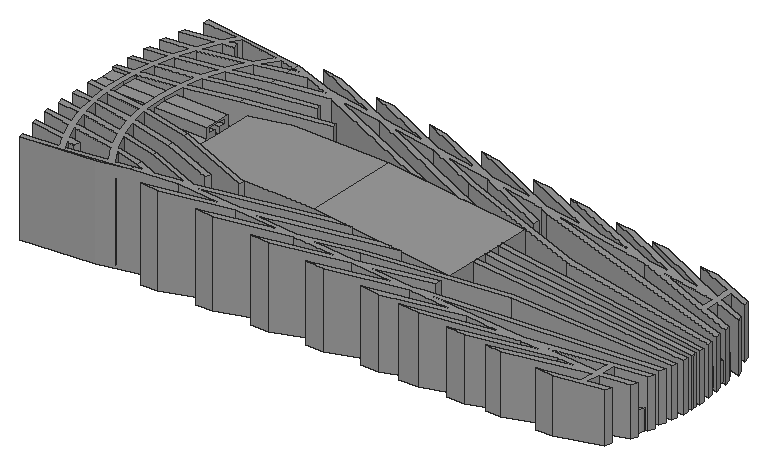
Revit family "Superstreet 250", category Осветительные приборы, Revit 2017 (continued)
Types (11, lengths in mm): name | built-in parameter 1150134 | Файл фотометрической сетки | built-in parameter 1150105 | Lumens | Apparent Load | built-in parameter 1150106 | built-in parameter 1150142 | Wattage | built-in parameter 1150107 | Артикул
  Superstreet 250 4.0К Ш8 | 12 | "Superstreet 250-202-LLI8-4.0K-01.ies" | 2127.4 (stored number, unit not read) | 26734 lm | 202 VA | 21.274 (stored number, unit not read) | "ISNA:LM-63-1995\r\n[TEST]LEDEL\r\n[DATA]28.05.2018\r\n[MANUFAC]LEDEL\r\n[LUMCAT]Superstreet 250/202/Ш8/4.0K/01\r\n[LUMINAIRE]Для освещения дорог категорий А и Б, городских улиц и площадей\r\n[LAMPCAT]LED\r\n[LAMP]OSRAM OSLON SQUARE3\r\nTILT=NONE\r\n\r\n1 26734 1.3655820605812 37 37 1 2 0.636 0.256 0.100\r\n1 1 202\r\n\r\n0 2.5 5 7.5 10 12.5 15 17.5 20 22.5 25 27.5 30 32.5 35 37.5 40 42.5 45 47.5\r\n 50 52.5 55 57.5 60 62.5 65 67.5 70 72.5 75 77.5 80 82.5 85 87.5 90\r\n\r\n90 95 100 105 110 115 120 125 130 135 140 145 150 155 160 165 170 175 180\r\n 185 190 195 200 205 210 215 220 225 230 235 240 245 250 255 260 265 270\r\n\r\n  5234 5069 4912 4721 4546 4367 4231 4063 3931 3763 3617 3444 3273 3104 2928\r\n  2742 2555 2372 2218 2006 1787 1530 1281 1087 952 824 703 601 506 425\r\n  323 249 147 103 59 56 37\r\n  5220 5081 4912 4744 4554 4385 4231 4100 3939 3792 3624 3459 3294 3122 2965\r\n  2785 2584 2394 2211 2010 1801 1533 1289 1095 952 820 689 601 520 414\r\n  337 249 162 106 59 41 37\r\n  5212 5077 4920 4747 4583 4422 4275 4129 3983 3840 3690 3532 3375 3221 3068\r\n  2885 2702 2486 2270 2068 1845 1600 1333 1102 981 835 711 615 528 428\r\n  330 253 191 118 74 44 37\r\n  5234 5081 4927 4773 4590 4436 4305 4176 4026 3880 3726 3573 3426 3280 3133\r\n  2958 2745 2504 2299 2094 1896 1640 1362 1146 996 850 732 630 535 440\r\n  337 264 191 118 88 44 37\r\n  5227 5081 4934 4773 4612 4495 4349 4239 4092 3957 3800 3646 3485 3368 3265\r\n  3082 2804 2548 2328 2141 1918 1684 1421 1190 1011 879 769 663 571 443\r\n  366 282 198 129 59 44 37\r\n  5198 5081 4949 4795 4656 4528 4422 4311 4195 4063 3939 3778 3639 3514 3397\r\n  3243 2958 2654 2431 2255 2057 1805 1523 1278 1077 934 820 692 593 464\r\n  381 293 191 129 74 44 44\r\n  5212 5095 4978 4846 4707 4601 4502 4422 4290 4213 4100 3953 3807 3701 3573\r\n  3386 3119 2855 2636 2431 2248 2010 1750 1494 1230 1014 879 762 645 516\r\n  396 293 198 121 59 59 30\r\n  5198 5081 4993 4861 4751 4637 4568 4495 4414 4315 4231 4114 4012 3901 3748\r\n  3517 3273 3046 2826 2639 2467 2255 1984 1691 1413 1172 1011 853 703 571\r\n  418 305 198 132 88 59 37\r\n  5212 5106 5015 4920 4824 4744 4671 4612 4568 4495 4429 4352 4275 4191 4070\r\n  3807 3543 3356 3170 2961 2745 2562 2299 1992 1662 1395 1216 1029 842 637\r\n  454 308 220 169 88 48 30\r\n  5198 5110 5015 4938 4861 4788 4758 4715 4678 4627 4583 4524 4466 4378 4195\r\n  3957 3770 3631 3470 3269 3038 2815 2606 2302 1926 1618 1421 1190 937 703\r\n  484 337 213 132 96 44 44\r\n  5198 5117 5051 4993 4934 4864 4846 4846 4817 4784 4729 4700 4663 4583 4414\r\n  4224 4085 3939 3800 3635 3441 3221 2972 2727 2343 1943 1647 1391 1084 780\r\n  535 370 249 147 103 82 52\r\n  5190 5132 5073 5011 4985 4956 4949 4945 4941 4923 4912 4882 4861 4777 4656\r\n  4524 4414 4311 4188 4045 3924 3734 3529 3313 2987 2551 2035 1533 1208 868\r\n  601 414 264 154 110 55 52\r\n  5212 5154 5103 5081 5051 5037 5051 5069 5081 5077 5081 5095 5081 5022 4941\r\n  4861 4817 4770 4678 4583 4502 4422 4349 4224 4026 3631 2987 2156 1435 1014\r\n  718 502 293 191 118 88 59\r\n  5212 5154 5110 5110 5110 5110 5146 5168 5190 5227 5256 5256 5249 5230 5198\r\n  5165 5154 5150 5051 5004 4993 4978 4978 4956 4861 4586 3939 2931 1845 1149\r\n  784 531 323 202 125 88 59\r\n  5190 5168 5154 5168 5161 5194 5242 5271 5315 5344 5395 5421 5432 5424 5447\r\n  5432 5447 5432 5344 5292 5322 5344 5403 5476 5505 5453 5146 4304 3002 1698\r\n  1003 663 418 264 140 103 74\r\n  5183 5172 5161 5183 5212 5256 5329 5359 5417 5476 5505 5560 5600 5614 5652\r\n  5640 5666 5637 5512 5505 5549 5578 5637 5710 5813 5900 5813 5252 4056 2615\r\n  1435 798 484 290 162 92 59\r\n  5183 5168 5176 5198 5256 5326 5403 5476 5512 5578 5622 5666 5710 5743 5769\r\n  5779 5813 5713 5622 5637 5652 5666 5673 5739 5856 5959 5959 5658 4751 3347\r\n  2035 1097 579 337 162 103 88\r\n  5183 5183 5212 5245 5315 5388 5483 5564 5608 5677 5739 5791 5820 5856 5893\r\n  5912 5886 5769 5695 5710 5681 5677 5673 5725 5769 5798 5725 5530 4971 3850\r\n  2482 1350 667 344 191 118 74\r\n  5183 5183 5183 5227 5242 5286 5344 5406 5476 5549 5593 5652 5710 5754 5813\r\n  5842 5893 5845 5827 5801 5798 5798 5805 5813 5813 5725 5534 5173 4385 3369\r\n  2240 1144 476 249 140 100 59\r\n  5183 5198 5227 5242 5286 5344 5417 5490 5564 5637 5725 5798 5835 5900 5974\r\n  6018 6069 6047 6010 5988 5974 5959 5944 5926 5900 5809 5622 5341 4715 3790\r\n  2643 1466 630 264 147 103 88\r\n  5183 5204 5256 5286 5351 5429 5490 5578 5666 5743 5820 5904 5988 6065 6149\r\n  6208 6244 6241 6230 6222 6208 6219 6208 6222 6208 6164 6083 6018 5666 4778\r\n  3390 1799 732 308 198 132 96\r\n  5183 5242 5271 5344 5410 5505 5586 5666 5761 5856 5966 6050 6142 6237 6310\r\n  6384 6427 6457 6449 6471 6486 6574 6647 6720 6837 6911 6976 6998 6362 4917\r\n  3294 1784 740 337 191 114 74\r\n  5190 5256 5315 5388 5476 5549 5652 5739 5842 5936 6054 6149 6244 6340 6427\r\n  6501 6574 6662 6728 6823 6940 7104 7291 7467 7643 7804 7774 7266 6127 4650\r\n  3265 1945 886 363 183 103 59\r\n  5212 5256 5322 5406 5498 5593 5695 5798 5900 6000 6120 6211 6310 6402 6501\r\n  6629 6720 6867 7028 7221 7423 7613 7796 7997 8235 8283 7818 6904 5695 4065\r\n  2460 1308 689 366 205 129 96\r\n  5212 5286 5359 5447 5556 5640 5739 5842 5952 6061 6164 6284 6391 6530 6647\r\n  6797 6962 7148 7364 7543 7694 7851 8045 8308 8433 8072 7181 5866 4063 2267\r\n  1230 758 491 282 176 88 52\r\n  5190 5271 5373 5442 5556 5640 5747 5842 5944 6061 6157 6296 6405 6548 6698\r\n  6881 7064 7262 7423 7540 7635 7789 8016 8147 7848 6967 5505 3659 2050 1246\r\n  850 597 396 227 125 88 44\r\n  5198 5292 5388 5490 5586 5681 5783 5863 5974 6076 6179 6314 6464 6618 6786\r\n  6958 7130 7262 7320 7379 7445 7566 7628 7229 6310 4885 3163 1876 1281 975\r\n  711 469 323 205 125 88 44\r\n  5198 5292 5395 5490 5593 5688 5783 5863 5981 6097 6222 6369 6537 6694 6859\r\n  6995 7086 7116 7108 7119 7130 6984 6384 5349 3990 2510 1582 1245 1025 788\r\n  571 381 279 176 96 59 30\r\n  5212 5318 5417 5509 5600 5710 5798 5886 5974 6079 6230 6369 6530 6668 6793\r\n  6881 6903 6878 6815 6709 6530 5996 4978 3743 2284 1490 1238 1037 857 671\r\n  513 363 271 147 96 48 44\r\n  5198 5315 5417 5520 5615 5691 5798 5863 5981 6120 6244 6413 6545 6647 6735\r\n  6746 6691 6588 6442 6201 5813 5100 4070 2765 1633 1224 1055 913 769 615\r\n  498 366 264 147 96 44 30\r\n  5212 5333 5425 5549 5637 5713 5798 5852 5981 6120 6252 6413 6537 6621 6632\r\n  6585 6486 6322 6083 5725 5234 4441 3375 2121 1333 1080 930 814 681 586\r\n  469 363 249 147 88 44 30\r\n  5198 5329 5432 5527 5608 5710 5769 5842 5974 6097 6266 6413 6515 6559 6515\r\n  6424 6274 6003 5659 5228 4612 3767 2665 1604 1157 993 857 747 623 539\r\n  440 352 257 147 96 44 30\r\n  5227 5329 5432 5527 5622 5710 5761 5842 5959 6091 6252 6384 6471 6497 6427\r\n  6307 6113 5809 5395 4909 4261 3409 2270 1414 1077 937 828 692 608 510\r\n  418 330 249 144 88 30 22\r\n  5234 5344 5461 5564 5644 5713 5783 5856 5988 6135 6288 6409 6457 6427 6325\r\n  6179 5944 5575 5132 4620 3917 2966 1867 1235 1025 901 769 671 579 476\r\n  396 293 205 144 74 30 22\r\n  5212 5333 5439 5552 5622 5688 5761 5827 5944 6079 6237 6369 6413 6384 6288\r\n  6143 5871 5490 5051 4536 3836 2868 1794 1224 1011 876 762 659 579 466\r\n  374 293 191 129 66 19 15\r\n  5220 5347 5476 5564 5637 5710 5754 5827 5930 6091 6237 6340 6384 6336 6244\r\n  6076 5805 5393 4934 4418 3690 2721 1706 1201 1011 876 754 630 542 466\r\n  381 290 191 118 52 41 30\r\n  5234 5359 5476 5564 5652 5710 5754 5831 5944 6113 6244 6340 6384 6314 6230\r\n  6073 5747 5286 4839 4287 3536 2520 1574 1168 1018 876 747 653 535 454\r\n  366 253 183 114 59 30 15\r\n" | 179.976 W | 4000 (stored number, unit not read) | "305117"
  Superstreet 250 5.0К Ш8 | 2 | "Superstreet 250-202-LLI8-5.0K-01.ies" | 2127.4 (stored number, unit not read) | 26734 lm | 202 VA | 21.274 (stored number, unit not read) | "ISNA:LM-63-1995\r\n[TEST]LEDEL\r\n[DATA]28.05.2018\r\n[MANUFAC]LEDEL\r\n[LUMCAT]Superstreet 250/202/Ш8/5.0K/01\r\n[LUMINAIRE]Для освещения дорог категорий А и Б, городских улиц и площадей\r\n[LAMPCAT]LED\r\n[LAMP]OSRAM OSLON SQUARE3\r\nTILT=NONE\r\n\r\n1 26734 1.3655820605812 37 37 1 2 0.636 0.256 0.100\r\n1 1 202\r\n\r\n0 2.5 5 7.5 10 12.5 15 17.5 20 22.5 25 27.5 30 32.5 35 37.5 40 42.5 45 47.5\r\n 50 52.5 55 57.5 60 62.5 65 67.5 70 72.5 75 77.5 80 82.5 85 87.5 90\r\n\r\n90 95 100 105 110 115 120 125 130 135 140 145 150 155 160 165 170 175 180\r\n 185 190 195 200 205 210 215 220 225 230 235 240 245 250 255 260 265 270\r\n\r\n  5234 5069 4912 4721 4546 4367 4231 4063 3931 3763 3617 3444 3273 3104 2928\r\n  2742 2555 2372 2218 2006 1787 1530 1281 1087 952 824 703 601 506 425\r\n  323 249 147 103 59 56 37\r\n  5220 5081 4912 4744 4554 4385 4231 4100 3939 3792 3624 3459 3294 3122 2965\r\n  2785 2584 2394 2211 2010 1801 1533 1289 1095 952 820 689 601 520 414\r\n  337 249 162 106 59 41 37\r\n  5212 5077 4920 4747 4583 4422 4275 4129 3983 3840 3690 3532 3375 3221 3068\r\n  2885 2702 2486 2270 2068 1845 1600 1333 1102 981 835 711 615 528 428\r\n  330 253 191 118 74 44 37\r\n  5234 5081 4927 4773 4590 4436 4305 4176 4026 3880 3726 3573 3426 3280 3133\r\n  2958 2745 2504 2299 2094 1896 1640 1362 1146 996 850 732 630 535 440\r\n  337 264 191 118 88 44 37\r\n  5227 5081 4934 4773 4612 4495 4349 4239 4092 3957 3800 3646 3485 3368 3265\r\n  3082 2804 2548 2328 2141 1918 1684 1421 1190 1011 879 769 663 571 443\r\n  366 282 198 129 59 44 37\r\n  5198 5081 4949 4795 4656 4528 4422 4311 4195 4063 3939 3778 3639 3514 3397\r\n  3243 2958 2654 2431 2255 2057 1805 1523 1278 1077 934 820 692 593 464\r\n  381 293 191 129 74 44 44\r\n  5212 5095 4978 4846 4707 4601 4502 4422 4290 4213 4100 3953 3807 3701 3573\r\n  3386 3119 2855 2636 2431 2248 2010 1750 1494 1230 1014 879 762 645 516\r\n  396 293 198 121 59 59 30\r\n  5198 5081 4993 4861 4751 4637 4568 4495 4414 4315 4231 4114 4012 3901 3748\r\n  3517 3273 3046 2826 2639 2467 2255 1984 1691 1413 1172 1011 853 703 571\r\n  418 305 198 132 88 59 37\r\n  5212 5106 5015 4920 4824 4744 4671 4612 4568 4495 4429 4352 4275 4191 4070\r\n  3807 3543 3356 3170 2961 2745 2562 2299 1992 1662 1395 1216 1029 842 637\r\n  454 308 220 169 88 48 30\r\n  5198 5110 5015 4938 4861 4788 4758 4715 4678 4627 4583 4524 4466 4378 4195\r\n  3957 3770 3631 3470 3269 3038 2815 2606 2302 1926 1618 1421 1190 937 703\r\n  484 337 213 132 96 44 44\r\n  5198 5117 5051 4993 4934 4864 4846 4846 4817 4784 4729 4700 4663 4583 4414\r\n  4224 4085 3939 3800 3635 3441 3221 2972 2727 2343 1943 1647 1391 1084 780\r\n  535 370 249 147 103 82 52\r\n  5190 5132 5073 5011 4985 4956 4949 4945 4941 4923 4912 4882 4861 4777 4656\r\n  4524 4414 4311 4188 4045 3924 3734 3529 3313 2987 2551 2035 1533 1208 868\r\n  601 414 264 154 110 55 52\r\n  5212 5154 5103 5081 5051 5037 5051 5069 5081 5077 5081 5095 5081 5022 4941\r\n  4861 4817 4770 4678 4583 4502 4422 4349 4224 4026 3631 2987 2156 1435 1014\r\n  718 502 293 191 118 88 59\r\n  5212 5154 5110 5110 5110 5110 5146 5168 5190 5227 5256 5256 5249 5230 5198\r\n  5165 5154 5150 5051 5004 4993 4978 4978 4956 4861 4586 3939 2931 1845 1149\r\n  784 531 323 202 125 88 59\r\n  5190 5168 5154 5168 5161 5194 5242 5271 5315 5344 5395 5421 5432 5424 5447\r\n  5432 5447 5432 5344 5292 5322 5344 5403 5476 5505 5453 5146 4304 3002 1698\r\n  1003 663 418 264 140 103 74\r\n  5183 5172 5161 5183 5212 5256 5329 5359 5417 5476 5505 5560 5600 5614 5652\r\n  5640 5666 5637 5512 5505 5549 5578 5637 5710 5813 5900 5813 5252 4056 2615\r\n  1435 798 484 290 162 92 59\r\n  5183 5168 5176 5198 5256 5326 5403 5476 5512 5578 5622 5666 5710 5743 5769\r\n  5779 5813 5713 5622 5637 5652 5666 5673 5739 5856 5959 5959 5658 4751 3347\r\n  2035 1097 579 337 162 103 88\r\n  5183 5183 5212 5245 5315 5388 5483 5564 5608 5677 5739 5791 5820 5856 5893\r\n  5912 5886 5769 5695 5710 5681 5677 5673 5725 5769 5798 5725 5530 4971 3850\r\n  2482 1350 667 344 191 118 74\r\n  5183 5183 5183 5227 5242 5286 5344 5406 5476 5549 5593 5652 5710 5754 5813\r\n  5842 5893 5845 5827 5801 5798 5798 5805 5813 5813 5725 5534 5173 4385 3369\r\n  2240 1144 476 249 140 100 59\r\n  5183 5198 5227 5242 5286 5344 5417 5490 5564 5637 5725 5798 5835 5900 5974\r\n  6018 6069 6047 6010 5988 5974 5959 5944 5926 5900 5809 5622 5341 4715 3790\r\n  2643 1466 630 264 147 103 88\r\n  5183 5204 5256 5286 5351 5429 5490 5578 5666 5743 5820 5904 5988 6065 6149\r\n  6208 6244 6241 6230 6222 6208 6219 6208 6222 6208 6164 6083 6018 5666 4778\r\n  3390 1799 732 308 198 132 96\r\n  5183 5242 5271 5344 5410 5505 5586 5666 5761 5856 5966 6050 6142 6237 6310\r\n  6384 6427 6457 6449 6471 6486 6574 6647 6720 6837 6911 6976 6998 6362 4917\r\n  3294 1784 740 337 191 114 74\r\n  5190 5256 5315 5388 5476 5549 5652 5739 5842 5936 6054 6149 6244 6340 6427\r\n  6501 6574 6662 6728 6823 6940 7104 7291 7467 7643 7804 7774 7266 6127 4650\r\n  3265 1945 886 363 183 103 59\r\n  5212 5256 5322 5406 5498 5593 5695 5798 5900 6000 6120 6211 6310 6402 6501\r\n  6629 6720 6867 7028 7221 7423 7613 7796 7997 8235 8283 7818 6904 5695 4065\r\n  2460 1308 689 366 205 129 96\r\n  5212 5286 5359 5447 5556 5640 5739 5842 5952 6061 6164 6284 6391 6530 6647\r\n  6797 6962 7148 7364 7543 7694 7851 8045 8308 8433 8072 7181 5866 4063 2267\r\n  1230 758 491 282 176 88 52\r\n  5190 5271 5373 5442 5556 5640 5747 5842 5944 6061 6157 6296 6405 6548 6698\r\n  6881 7064 7262 7423 7540 7635 7789 8016 8147 7848 6967 5505 3659 2050 1246\r\n  850 597 396 227 125 88 44\r\n  5198 5292 5388 5490 5586 5681 5783 5863 5974 6076 6179 6314 6464 6618 6786\r\n  6958 7130 7262 7320 7379 7445 7566 7628 7229 6310 4885 3163 1876 1281 975\r\n  711 469 323 205 125 88 44\r\n  5198 5292 5395 5490 5593 5688 5783 5863 5981 6097 6222 6369 6537 6694 6859\r\n  6995 7086 7116 7108 7119 7130 6984 6384 5349 3990 2510 1582 1245 1025 788\r\n  571 381 279 176 96 59 30\r\n  5212 5318 5417 5509 5600 5710 5798 5886 5974 6079 6230 6369 6530 6668 6793\r\n  6881 6903 6878 6815 6709 6530 5996 4978 3743 2284 1490 1238 1037 857 671\r\n  513 363 271 147 96 48 44\r\n  5198 5315 5417 5520 5615 5691 5798 5863 5981 6120 6244 6413 6545 6647 6735\r\n  6746 6691 6588 6442 6201 5813 5100 4070 2765 1633 1224 1055 913 769 615\r\n  498 366 264 147 96 44 30\r\n  5212 5333 5425 5549 5637 5713 5798 5852 5981 6120 6252 6413 6537 6621 6632\r\n  6585 6486 6322 6083 5725 5234 4441 3375 2121 1333 1080 930 814 681 586\r\n  469 363 249 147 88 44 30\r\n  5198 5329 5432 5527 5608 5710 5769 5842 5974 6097 6266 6413 6515 6559 6515\r\n  6424 6274 6003 5659 5228 4612 3767 2665 1604 1157 993 857 747 623 539\r\n  440 352 257 147 96 44 30\r\n  5227 5329 5432 5527 5622 5710 5761 5842 5959 6091 6252 6384 6471 6497 6427\r\n  6307 6113 5809 5395 4909 4261 3409 2270 1414 1077 937 828 692 608 510\r\n  418 330 249 144 88 30 22\r\n  5234 5344 5461 5564 5644 5713 5783 5856 5988 6135 6288 6409 6457 6427 6325\r\n  6179 5944 5575 5132 4620 3917 2966 1867 1235 1025 901 769 671 579 476\r\n  396 293 205 144 74 30 22\r\n  5212 5333 5439 5552 5622 5688 5761 5827 5944 6079 6237 6369 6413 6384 6288\r\n  6143 5871 5490 5051 4536 3836 2868 1794 1224 1011 876 762 659 579 466\r\n  374 293 191 129 66 19 15\r\n  5220 5347 5476 5564 5637 5710 5754 5827 5930 6091 6237 6340 6384 6336 6244\r\n  6076 5805 5393 4934 4418 3690 2721 1706 1201 1011 876 754 630 542 466\r\n  381 290 191 118 52 41 30\r\n  5234 5359 5476 5564 5652 5710 5754 5831 5944 6113 6244 6340 6384 6314 6230\r\n  6073 5747 5286 4839 4287 3536 2520 1574 1168 1018 876 747 653 535 454\r\n  366 253 183 114 59 30 15\r\n" | 179.976 W | 5000 (stored number, unit not read) | "305115"
  Superstreet 250 4.0К Ш13 | 12 | "Superstreet 250-202-LLI13-4.0K-01.ies" | 2145.1 (stored number, unit not read) | 26956 lm | 202 VA | 21.451 (stored number, unit not read) | "ISNA:LM-63-1995\r\n[TEST]LEDEL\r\n[DATA]22.11.2018\r\n[MANUFAC]LEDEL\r\n[LUMCAT]Superstreet 250/202/Ш13/4.0K/01\r\n[LUMINAIRE]Для освещения дорог категорий А и Б, городских улиц и площадей\r\n[LAMPCAT]LED\r\n[LAMP]OSRAM OSLON SQUARE3\r\nTILT=NONE\r\n\r\n1 26956 1.41918500579 37 37 1 2 0.636 0.256 0.100\r\n1 1 202\r\n\r\n0 2.5 5 7.5 10 12.5 15 17.5 20 22.5 25 27.5 30 32.5 35 37.5 40 42.5 45 47.5\r\n 50 52.5 55 57.5 60 62.5 65 67.5 70 72.5 75 77.5 80 82.5 85 87.5 90\r\n\r\n90 95 100 105 110 115 120 125 130 135 140 145 150 155 160 165 170 175 180\r\n 185 190 195 200 205 210 215 220 225 230 235 240 245 250 255 260 265 270\r\n\r\n  6235 5721 5230 4749 4277 3754 3242 2810 2529 2300 2116 1966 1809 1658 1539\r\n  1403 1314 1189 1073 1066 1246 1261 1126 1039 1021 1006 1013 1017 953 799\r\n  548 379 226 121 53 27 23\r\n  6175 5646 5170 4701 4217 3699 3174 2780 2484 2285 2094 1951 1786 1640 1531\r\n  1403 1284 1171 1051 1107 1246 1216 1111 1024 991 1006 1013 999 901 766\r\n  511 349 211 106 38 31 16\r\n  6235 5721 5223 4776 4292 3774 3234 2817 2514 2288 2094 1951 1816 1681 1546\r\n  1426 1276 1148 1066 1062 1216 1231 1111 1024 1006 1006 1006 1006 938 784\r\n  571 379 256 136 46 27 8\r\n  6416 5886 5403 4956 4487 4026 3489 2997 2672 2431 2221 2056 1899 1771 1621\r\n  1475 1336 1216 1103 1024 1141 1264 1156 1036 968 964 991 953 901 781\r\n  593 376 263 139 61 19 16\r\n  6258 5743 5290 4839 4397 3936 3399 2975 2642 2431 2229 2060 1899 1768 1629\r\n  1471 1314 1216 1096 1051 1103 1216 1171 1036 961 931 916 901 863 766\r\n  638 451 263 132 46 27 23\r\n  6416 5908 5455 5031 4592 4164 3677 3204 2837 2597 2364 2195 2034 1880 1726\r\n  1591 1441 1291 1178 1051 1013 1111 1141 1073 976 886 841 852 811 766\r\n  676 514 316 136 53 27 16\r\n  6378 5901 5463 5038 4637 4221 3759 3294 2912 2645 2446 2266 2116 1951 1801\r\n  1651 1486 1328 1208 1099 1006 1006 1058 1051 976 901 796 732 721 691\r\n  631 514 316 151 61 31 8\r\n 6281 5833 5433 5061 4675 4299 3887 3455 3054 2769 2552 2386 2206 2045 1884\r\n  1715 1554 1385 1231 1114 1028 961 961 961 916 859 781 706 631 589\r\n  518 421 241 121 46 31 16\r\n  6326 5920 5515 5169 4817 4472 4090 3672 3294 2960 2709 2522 2341 2153 1996\r\n  1816 1651 1493 1336 1189 1066 976 931 886 848 811 751 679 608 529\r\n  466 361 218 121 46 31 31\r\n   6371 5976 5620 5271 4967 4652 4315 3962 3564 3212 2912 2687 2469 2296 2124\r\n  1951 1786 1610 1456 1294 1171 1036 938 856 796 766 713 676 593 526\r\n  443 323 196 106 46 31 31\r\n  6386 6036 5710 5399 5095 4821 4555 4236 3925 3579 3219 2957 2702 2491 2296\r\n  2120 1951 1786 1599 1430 1269 1118 968 859 781 721 683 634 586 481\r\n  383 271 166 102 46 31 31\r\n  6386 6066 5793 5523 5268 5031 4787 4532 4262 3977 3632 3294 3002 2762 2537\r\n  2356 2146 1955 1771 1610 1411 1261 1081 934 826 743 683 642 571 488\r\n  383 271 181 106 46 34 31\r\n  6483 6201 5943 5691 5470 5245 5043 4821 4615 4371 4105 3812 3512 3200 2934\r\n  2690 2454 2225 2034 1823 1614 1426 1216 1062 946 856 788 706 616 511\r\n  383 274 181 109 46 42 38\r\n  6476 6228 6003 5808 5628 5459 5283 5103 4915 4727 4502 4281 4037 3782 3497\r\n  3215 2964 2705 2454 2210 1966 1726 1501 1318 1193 1126 1058 961 826 634\r\n  443 301 203 121 61 46 46\r\n  6416 6231 6048 5913 5763 5643 5493 5373 5238 5079 4937 4772 4570 4386 4172\r\n  3951 3714 3452 3182 2897 2604 2318 2071 1895 1816 1778 1771 1610 1238 769\r\n  443 301 203 121 91 46 38\r\n  6461 6318 6183 6078 5973 5883 5793 5691 5583 5489 5343 5223 5088 4914 4742\r\n  4566 4390 4187 3955 3695 3444 3200 3017 2882 2867 2949 2987 2717 1989 1080\r\n  541 304 173 109 91 49 46\r\n  6483 6393 6303 6250 6198 6138 6093 6036 5973 5909 5823 5736 5628 5500 5380\r\n  5238 5088 4937 4742 4521 4300 4101 3947 3857 3887 4097 4375 4412 3564 2074\r\n  923 379 211 136 98 61 53\r\n  6528 6468 6438 6408 6393 6408 6393 6393 6393 6390 6333 6303 6228 6138 6018\r\n  5901 5763 5590 5395 5196 4967 4791 4682 4622 4712 5021 5485 5643 4660 2786\r\n  1223 491 263 151 106 84 46\r\n  6528 6540 6558 6588 6663 6738 6798 6858 6918 6975 7008 7038 7046 6993 6948\r\n  6873 6791 6663 6543 6405 6303 6288 6363 6528 6821 7409 8171 8205 6371 3474\r\n  1081 391 226 151 113 91 46\r\n  6528 6558 6626 6708 6813 6907 7053 7173 7308 7413 7534 7639 7729 7789 7804\r\n  7804 7759 7714 7661 7579 7556 7612 7759 8047 8531 9322 10280 10576 8967 5519\r\n  2049 549 263 199 151 121 98\r\n  6483 6577 6708 6858 7023 7173 7353 7564 7744 7931 8134 8317 8479 8614 8704\r\n  8749 8764 8719 8644 8569 8509 8542 8666 8924 9387 10140 11120 11585 10205 6656\r\n  2754 755 271 207 166 132 98\r\n  6461 6618 6768 6952 7158 7387 7631 7882 8134 8354 8629 8873 9094 9289 9402\r\n  9458 9454 9364 9184 9001 8824 8719 8734 8869 9222 9907 10902 11570 10595 7253\r\n  3099 845 316 226 181 136 121\r\n  6416 6618 6813 7042 7301 7567 7864 8152 8456 8737 9012 9289 9514 9713 9829\r\n  9868 9792 9612 9364 9072 8824 8655 8576 8644 8877 9341 10107 10692 10040 7233\r\n  3317 917 301 211 136 117 91\r\n  6476 6708 6963 7237 7549 7864 8179 8486 8809 9105 9387 9653 9882 10040 10085\r\n  10051 9882 9612 9304 9001 8726 8539 8389 8284 8194 8089 8074 7793 6446 3864\r\n  1584 624 331 192 121 91 61\r\n   6483 6760 7076 7387 7736 8062 8404 8726 9064 9341 9612 9833 10025 10145 10152\r\n  10055 9837 9514 9177 8791 8419 8040 7564 6938 6168 5362 4675 4080 3039 1664\r\n  758 432 278 132 76 57 46\r\n  6386 6720 7038 7390 7766 8134 8471 8804 9139 9413 9657 9893 10009 10133 10152\r\n  10040 9799 9421 8944 8400 7736 6934 5890 4822 3917 3220 2784 2431 1914 1213\r\n  706 462 316 196 121 106 91\r\n  6386 6742 7128 7537 7916 8302 8666 8989 9297 9559 9754 9949 10062 10100 10002\r\n  9777 9372 8795 8074 7151 6010 4822 3842 3123 2612 2218 1906 1633 1246 852\r\n  608 481 368 211 106 57 31\r\n  6371 6760 7166 7574 7991 8392 8749 9053 9327 9574 9769 9908 9987 9926 9777\r\n  9417 8839 7988 6888 5572 4322 3381 2717 2271 1921 1674 1479 1276 968 706\r\n  586 514 361 192 61 42 38\r\n  6326 6760 7218 7657 8074 8482 8824 9117 9372 9585 9769 9874 9874 9739 9417\r\n  8885 8051 6871 5515 4275 3317 2650 2206 1899 1666 1493 1374 1183 916 702\r\n  586 481 361 211 106 46 38\r\n  6281 6742 7218 7675 8104 8516 8869 9143 9372 9574 9717 9784 9709 9496 9049\r\n  8307 7211 5881 4570 3547 2792 2293 1959 1723 1554 1438 1276 1062 826 627\r\n  511 387 301 174 98 42 31\r\n  6378 6895 7421 7912 8359 8737 9042 9266 9477 9596 9657 9589 9402 8997 8299\r\n  7216 5883 4593 3594 2875 2356 2004 1764 1618 1464 1306 1118 897 698 541\r\n  436 304 226 132 91 46 23\r\n  6416 6914 7458 7931 8359 8722 9004 9248 9424 9559 9567 9454 9154 8604 7729\r\n  6488 5163 4027 3212 2608 2184 1888 1711 1550 1396 1216 1021 807 623 481\r\n  361 271 196 106 61 31 16\r\n 6258 6787 7323 7822 8269 8647 8944 9199 9349 9469 9477 9357 9019 8435 7503\r\n  6286 4990 3895 3099 2548 2139 1876 1689 1531 1359 1171 968 781 571 439\r\n  316 249 181 121 76 42 31\r\n  6416 6959 7519 8032 8456 8782 9049 9244 9387 9431 9349 9129 8644 7898 6821\r\n  5569 4427 3517 2874 2425 2064 1846 1636 1471 1299 1126 916 717 548 391\r\n  293 211 151 114 61 27 16\r\n  6235 6805 7368 7886 8336 8707 8982 9199 9327 9379 9304 9061 8599 7793 6678\r\n  5430 4277 3381 2747 2293 1981 1771 1591 1419 1246 1062 871 676 511 372\r\n  286 211 143 106 53 31 16\r\n  6175 6727 7301 7822 8291 8659 8929 9143 9304 9364 9289 9061 8606 7827 6716\r\n  5460 4315 3400 2769 2331 2004 1783 1599 1441 1246 1062 871 680 518 376\r\n  293 222 181 109 53 46 38\r\n  6235 6802 7361 7897 8336 8707 8967 9158 9304 9357 9267 8986 8486 7647 6521\r\n  5280 4172 3333 2717 2293 2011 1798 1614 1430 1261 1066 871 669 518 376\r\n  286 211 151 94 53 31 31\r\n" | 181.471 W | 4000 (stored number, unit not read) | "305116"
